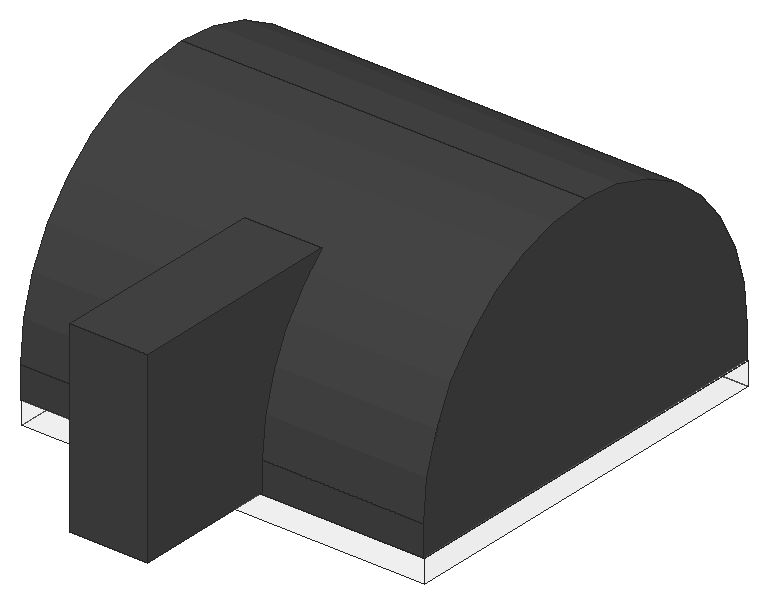
Revit family
Parameters (values of type "Wall-Mounted")
  Wattage = 150 W
  built-in parameter 1150110 = 1 (stored number, unit not read)
  built-in parameter 1114217 = 1 (stored number, unit not read)
  built-in parameter 1150109 = 1 (stored number, unit not read)
  built-in parameter 1150134 = 3
  built-in parameter 1150113 = 1 (stored number, unit not read)
  Lumens = 2700 lm
  built-in parameter 1150115 = 1 (stored number, unit not read)
  built-in parameter 1150105 = 859.44 (stored number, unit not read)
  Light Source Symbol Size = 609.6 mm
  built-in parameter 1150137 = (empty or 0)
  built-in parameter 1150139 = (empty or 0)
  Light Fixture Material = Metal - Black
  built-in parameter 1150112 = 1 (stored number, unit not read)
  built-in parameter 1150114 = 1 (stored number, unit not read)
  Lamp Glazing Material = Glass - Frosted White
  built-in parameter 1150132 = (empty or 0)
  built-in parameter 1150102 = (empty or 0)
  built-in parameter 1150138 = (empty or 0)
  built-in parameter 1150107 = 3200 (stored number, unit not read)
  built-in parameter 1150106 = 8.5944 (stored number, unit not read)
  Fixture Height = 1500 mm
  built-in parameter 1150104 = 1.6723 (stored number, unit not read)
  Dimming Lamp Color Temperature Shift = (empty or 0)
  Color Filter = 16777215
  built-in parameter 1114218 = 1 (stored number, unit not read)
  built-in parameter 1150133 = 10 (stored number, unit not read)
Reference planes
  plane 1: y = 0
  plane 2 "Light Source Axis (L/R)": x = 125
  plane 3 "Light Source Axis (F/B)": y = 100
  plane 4 "Light Source Elevation": z = 1423.889
  plane 5: z = 1500
  plane 6: y = 297
  plane 7: y = 75
  plane 8: y = 167
  plane 9: y = 427
Forms (mm)
  Extrusion 1, solid, material "Metal - Black" <- "Light Fixture Material"
    sketch origin (254.229, -351.348, -1116.111) x (0, 1, 0) y (0, 0, -1)
      loop
        line (778.348, -2555) -> (518.348, -2555) -> (518.348, -2575)
        arc (518.348, -2575) -> (556.424, -2666.924) -> (648.348, -2705) r 130
        arc (648.348, -2705) -> (740.272, -2666.924) -> (778.348, -2575) r 130
        line (778.348, -2575) -> (778.348, -2555)
    from 0 to 260
  Extrusion 2, solid, material "Glass - Frosted White" <- "Lamp Glazing Material"
    sketch origin (255, 45, -1116.111) x (0, 1, 0) y (0, 0, -1)
      loop
        line (382, -2540) -> (122, -2540) -> (122, -2555) -> (382, -2555) -> (382, -2540)
    from 0 to 260
  Extrusion 3, solid, material "Metal - Black" <- "Light Fixture Material"
    sketch origin (150, 45, -1116.111) x (0, -1, 0) y (0, 0, -1)
      loop
        line (-170.29, -2676.111) -> (-30, -2676.111) -> (-30, -2556.111) -> (-122, -2556.111) -> (-122, -2575)
        arc (-122, -2575) -> (-134.692, -2631.025) -> (-170.29, -2676.111) r 130
    from 0 to -50
Text (mm)
  text "Placement Side" at (-1787.139, 1116.779, 0), in view "Ref. Level"
  text "Placement Side" at (0, 2110.396, 2986.058), in view "Left"
  text "Placement Side" at (0, 628.478, 3011.967), in view "Right"
Dimensions and locks
  "Fixture Height": plane 5 to level
  locked: Extrusion 2 to Extrusion 2 at 15
  locked: plane 6 to plane 7 at 222
  locked: plane 8 to plane 7 at 92
  locked: plane 9 to plane 7 at 352
  locked: plane 5 to plane 4 "Light Source Elevation" at 76.111
  aligned and locked: plane 1 to host wall
  aligned and locked: Extrusion 2 to Extrusion 1
  aligned and locked: plane 2 "Light Source Axis (L/R)" to imposter light
  aligned and locked: plane 4 "Light Source Elevation" to Extrusion 2
  aligned and locked: plane 4 "Light Source Elevation" to imposter light
  aligned and locked: plane 6 to imposter light  (x2)
  aligned and locked: plane 7 to host wall
  aligned and locked: Extrusion 3 to plane 7
  aligned and locked: plane 8 to Extrusion 2
  aligned and locked: plane 9 to Extrusion 2
  aligned and locked: Extrusion 1 to Extrusion 2
  aligned and locked: plane 9 to Extrusion 1
  aligned and locked: Extrusion 1 to plane 8
  aligned and locked: Extrusion 3 sketch curve to Extrusion 1
Automatic sketch dimensions
  Extrusion 1 sketch curve to Extrusion 1 sketch curve = 0 mm  (x2)
  Extrusion 1 sketch curve to plane 3 "Light Source Axis (F/B)" = 67 mm
  Extrusion 1 sketch curve to plane 5 = 41.111 mm
  Extrusion 1 sketch curve to Extrusion 1 sketch curve = 130 mm
  Extrusion 1 sketch curve to Extrusion 1 sketch curve = 20 mm
  Extrusion 2 sketch curve to plane 3 "Light Source Axis (F/B)" = 67 mm
  Extrusion 2 sketch curve to plane 5 = 61.111 mm
  Extrusion 2 sketch curve to Extrusion 2 sketch curve = 260 mm
  Extrusion 2 sketch curve to Extrusion 2 sketch curve = 15 mm
  Extrusion 3 sketch curve to host wall = 0 mm
  Extrusion 3 sketch curve to plane 5 = 60 mm
  plane 8 to Extrusion 3 sketch curve = 48.29 mm
